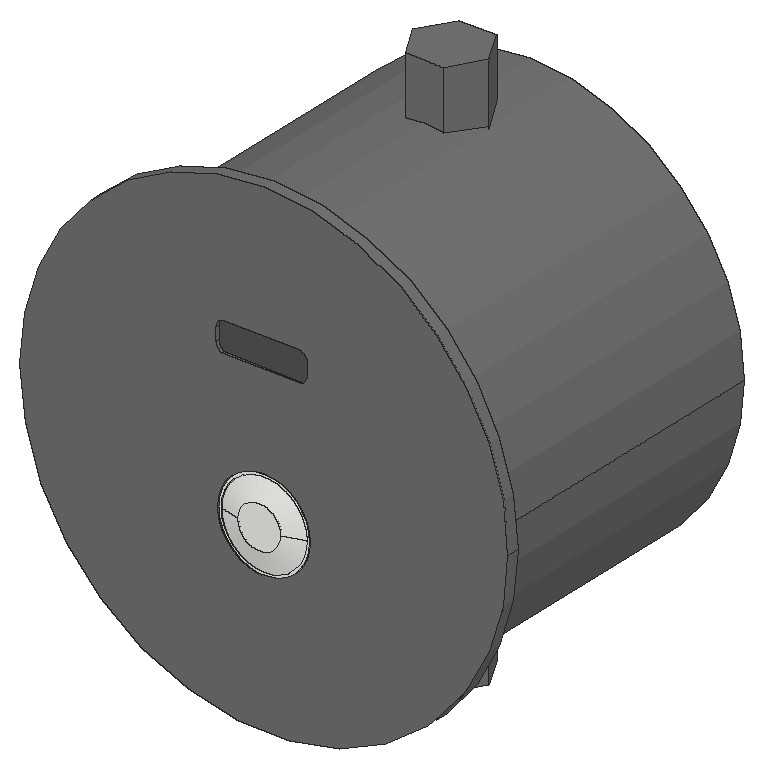
Revit family "DAUF0008", category Generic Models, Revit 2017
Family settings
  Can host rebar = No
  Round Connector Dimension = Use Diameter
  Part Type = Normal
  Work Plane-Based = No
  Always vertical = Yes
  Cut with Voids When Loaded = No
  Shared = No
  Room Calculation Point = No
Parameters
  Website = "https://dolphy.in/"  # constant formula
  Contact Number = "+91 9520202035"  # constant formula
  Contact Email = "info@dolphy.in\r\n"  # constant formula
  Company Name = "Dolphy India"  # constant formula
Reference planes
  plane 1 "Center (Front/Back)": y = 0
  plane 2: z = 0
  plane 3 "Center (Left/Right)": x = 0
  plane 4: z = 0
Forms (mm)
  Extrusion 1, solid, material "Dark Silver"
    sketch origin (0, -4, -1060) x (1, 0, 0) y (0, 0, 1)
      loop
        circle (0, 1130) r 80
    from 0 to -4
  Extrusion 2, solid, material "Dark Silver"
    sketch origin (0, -4, -1060) x (1, 0, 0) y (0, 0, 1)
      loop
        circle (0, 1130) r 70
    from -4 to -109
  Extrusion 3, void
    sketch origin (0, -4, -1060) x (1, 0, 0) y (0, 0, 1)
      loop
        line (-12.689, 1156.405) -> (11.311, 1156.405)
        arc (11.311, 1156.405) -> (13.432, 1157.284) -> (14.311, 1159.405) r 3
        line (14.311, 1159.405) -> (14.311, 1163.405)
        arc (14.311, 1163.405) -> (13.432, 1165.527) -> (11.311, 1166.405) r 3
        line (11.311, 1166.405) -> (-12.689, 1166.405)
        arc (-12.689, 1166.405) -> (-14.811, 1165.527) -> (-15.689, 1163.405) r 3
        line (-15.689, 1163.405) -> (-15.689, 1159.405)
        arc (-15.689, 1159.405) -> (-14.811, 1157.284) -> (-12.689, 1156.405) r 3
    from 0 to -1.721
  Extrusion 4, void
    sketch origin (0, -4, -1043.75) x (1, 0, 0) y (0, 0, 1)
      loop
        circle (0, 1094.726) r 15
    from 0 to -1.466
  Extrusion 5, solid, material "Dark Silver"
    sketch origin (-1486.709, -1529.878, 0) x (-1, 0, 0) y (0, -1, 0)
      loop
        line (-1499.2, -1602.56) -> (-1492.955, -1613.378) -> (-1480.463, -1613.378) -> (-1474.217, -1602.56) -> (-1480.463, -1591.742) -> (-1492.955, -1591.742) -> (-1499.2, -1602.56)
    from -25.298 to 158.403
  Extrusion 6, solid, material "WHITE"
    sketch origin (0, 0, 16.25) x (1, 0, 0) y (0, 0, 1)
      loop
        circle (0, 34.726) r 15
      loop
        circle (0, 34.726) r 14
    from 0 to 4
  Blend 7, solid, material "SILVER"
    base sketch origin (0, 0, 16.25) x (1, 0, 0) y (0, 0, 1)
      loop
        circle (0, 34.726) r 14
    top sketch origin (0, 0, 16.25) x (1, 0, 0) y (0, 0, 1)
      loop
        circle (0, 34.726) r 7.018
    from 4 to 5.897
  Extrusion 8, solid, material "BLACK"
    sketch origin (0, 0, 0) x (1, 0, 0) y (0, 0, 1)
      loop
        line (11.311, 106.405) -> (-12.689, 106.405)
        arc (-12.689, 106.405) -> (-14.811, 105.527) -> (-15.689, 103.405) r 3
        line (-15.689, 103.405) -> (-15.689, 99.405)
        arc (-15.689, 99.405) -> (-14.811, 97.284) -> (-12.689, 96.405) r 3
        line (-12.689, 96.405) -> (11.311, 96.405)
        arc (11.311, 96.405) -> (13.432, 97.284) -> (14.311, 99.405) r 3
        line (14.311, 99.405) -> (14.311, 103.405)
        arc (14.311, 103.405) -> (13.432, 105.527) -> (11.311, 106.405) r 3
    from 2.279 to 3.096
Cuts and joins
  Extrusion 3, Extrusion 4 cuts Extrusion 1
Dimensions and locks
  plane 4 to level = 0 mm
  aligned and locked: level to plane 2
